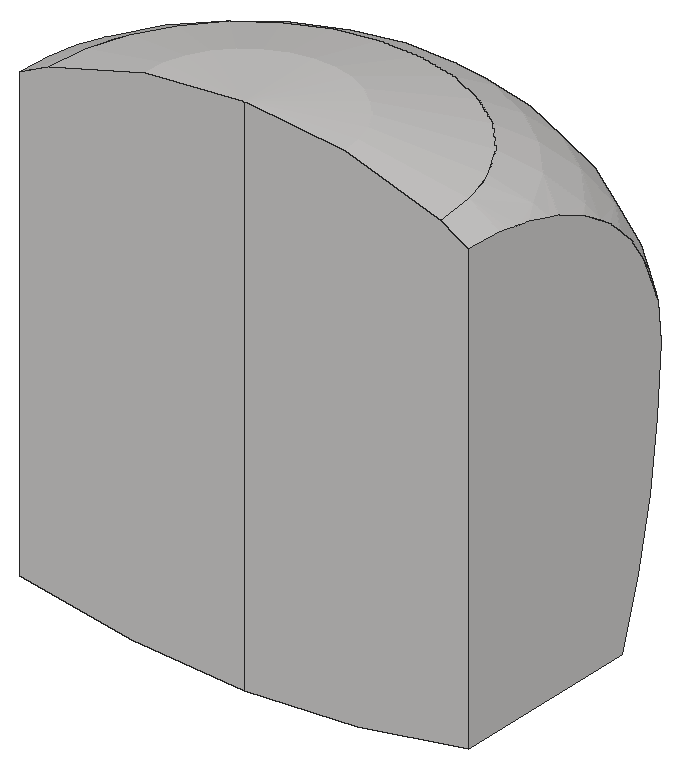
Revit family
Parameters (values of type "As Specified")
  Warranty Duration (Years) = 5
  Voltage_MEP = 120 V
  Unit Width = 0' - 0"
  Unit Height = 0' - 0"
  Unit Depth = 0' - 0"
  URL = "http://www.worlddryer.com/"
  Specification = "http://www.arcat.com/sdspecs/htm/10811wdr.htm"
  Send Message = "http://www.arcat.com/users.pl?action=UserEmail&company=World%20Dryer%20Corp.&coid=36616&rep=111&fax=708-449-6958&mf="
  Sales Information = "http://www.worlddryer.com/find-a-distributor"
  Reqd Wire Gauge = 14
  Manufacturer Phone - Toll Free = "800-323-0701 "
  MEP Apparent Power [instance] = Voltage_MEP * MEP Amperage  # 1500 VA
  MEP Amperage = 12.5 A
  Insrtloc = 0' - 0 1/8"
  Product Properties = "http://www.arcat.com/bim/bim_info.pl?fn=WorldDryer"
  Product Data = "http://www.arcat.com/arcatcos/cos36/arc36616.html"
  Opening Offset = 0' - 10"
  Mounting Height [instance] = 3' - 1"
  Motor = "Motor shall be universal  brush type operating at 34000 RPM and shall be thermally protected."
  Model = "As Specified in 10 28 00"
  Manufacturer Website = "http://www.worlddryer.com/"
  Manufacturer Phone = "708-449-6950 "
  Manufacturer Fax = "708-449-6958"
  Manufacturer Address = "5700 McDermott Dr., Berkeley, IL 60163-1102"
  Manufacturer = "World Dryer Corp."
  Maintenance Schedule (Months) = 0
  Keynote = "10 28 00"
  Installation-Fabrication = "http://www.worlddryer.com/all-hand-dryers"
  Installation Phase = "Interior Fittings"
  Heating Element = "Automatic active infrared sensor controlled by a circuit board with 1 second run-on time and 30 second vandal  shut-off."
  Hardware Finish = Polished Stainless Steel
  Green Building-LEED = "http://www.arcat.com/green/clients/leed_data_36616.html"
  Frequency = 60 Hz
  Expected Lifespan (Years) = 0
  Drawn By = "Robert S. Weygant, CSI, CDT, SCIP"
  Description = "Hand Dryer as Specified in 10 28 00"
  Cover Material = No. 4 Brushed Finish
  Copyright = "2010, ARCAT, Inc."
  Construction Details = "http://www.arcat.com/details/worlddry/worlddry.html?coid=36616"
  Assembly Code = "C1030210"
  Air Temperature = "40°F"
  Air Output = "53 cubic feet per minute of air volume  (10,500  LFM)"
  Actuation = "Automatic"
  ADA Compliant [instance] = no
Reference planes (in)
  plane 1: y = 0
  plane 2 "Center (Left/Right)": x = 0.0468
  plane 3 "Wall Edge": y = 4
  plane 4: y = 14
  plane 5: z = 37
  plane 6 "Connection Plane": y = 3.875
  plane 7: z = 27
Forms (in)
  Extrusion 1, solid, material "Stainless Steel - 22 ga 18-8 Type 304", visible <- "ADA Compliant"
    sketch origin (0, 3.875, 0) x (-1, 0, 0) y (0, 0, 1)
      loop
        line (-0.9218, 40.875) -> (-0.9218, 37.125) -> (0.8282, 37.125) -> (0.8282, 40.875) -> (-0.9218, 40.875)
    from 0.26104 to 0.13106
Text (in)
  text "Interior" at (0, 40.15149, 123.01588), in view "A 203 - Side Elevation"
  text "Interior" at (-70.3804, 41.28885, 0), in view "A-101 Plan View"
  text "Interior" at (0, 81.62555, 140.59947), in view "Left"
  text "Exterior" at (-70.3804, -27.04218, 0), in view "A-101 Plan View"
  text "Exterior" at (0, -34.75086, 140.59947), in view "Left"
  text "Exterior" at (0, -52.24725, 123.01588), in view "A 203 - Side Elevation"
Dimensions and locks (in)
  host wall to plane 3 "Wall Edge" = 0' - 0"
  "Mounting Height": plane 5 to level
  "Insrtloc": plane 6 "Connection Plane" to plane 3 "Wall Edge"
  "Opening Offset": plane 7 to plane 5
  locked: Extrusion 1 to Extrusion 1 at 0.12998
  aligned and locked: plane 3 "Wall Edge" to host wall
  aligned and locked: nested 1 to plane 2 "Center (Left/Right)"
  aligned and locked: nested 1 to plane 3 "Wall Edge"
  aligned and locked: nested 1 to plane 5
Automatic sketch dimensions
  Extrusion 1 sketch curve to plane 5 = 0' - 0 1/8"
  plane 2 "Center (Left/Right)" to Extrusion 1 sketch curve = 0' - 0 7/8"
  Extrusion 1 sketch curve to plane 2 "Center (Left/Right)" = 0' - 0 7/8"
  Extrusion 1 sketch curve to Extrusion 1 sketch curve = 0' - 3 3/4"
Nested families (in)
  nested 1: "Airforce_Component_Surface Mounted" at (0.0468, 4, 36.71926) x (-1, 0, 0) z (0, 0, 1), type "Airforce_Component_Surface Mounted"
Connectors (in)
  electrical at (0.0468, 4.00606, 39), driven by "Voltage_MEP", driven by "MEP Apparent Power"
    settings: on Extrusion 1, index 1
Definition of nested family "Airforce_Component_Surface Mounted"
  Parameters (values of type "Airforce_Component_Surface Mounted")
    Hardware Finish = Polished Stainless Steel
    Cover Material = No. 4 Brushed Finish
    Assembly Code = ""
  Reference planes (in)
    plane 1 "Center (Front/Back)": y = 0
    plane 2: z = 0
    plane 3 "Center (Left/Right)": x = 0
    plane 4: z = 10.7
    plane 5: y = -6.5
    plane 6: x = 4.45
    plane 7: x = -4.45
    plane 8: z = 0.28074
    plane 9: z = 0
  Forms (in)
    Revolve 1, solid, material "No. 4 Brushed Finish" <- "Cover Material"
      sketch origin (0, 0, 0) x (0, 1, 0) y (0, 0, 1)
        loop
          arc (0, 10.72929) -> (-1.97938, 10.55004) -> (-3.88232, 9.97653) r 9.83589
          arc (-3.88232, 9.97653) -> (-5.81275, 8.37089) -> (-6.5, 5.95587) r 4.25
          arc (-6.5, 5.95587) -> (-6.26437, 3.06733) -> (-5.69165, 0.22635) r 24.67311
          arc (-5.69165, 0.22635) -> (-5.58333, 0.06315) -> (-5.39792, 0) r 0.30376
          line (-5.39792, 0) -> (0, 0) -> (0, 10.72929)
        axis (0, 0) -> (0, 10.72929)
      angle from -90 to 90
    Extrusion 2, void
      sketch origin (0, 0, 0) x (1, 0, 0) y (0, 0, 1)
        loop
          line (-4.45, 0.79324) -> (-4.45, 10.7) -> (-15.37166, 10.7) -> (-15.37166, 0.79324) -> (-4.45, 0.79324)
      from 0 to 8.6597
    Extrusion 3, void
      sketch origin (0, 0, 0) x (-1, 0, 0) y (0, 0, -1)
        loop
          line (-4.45, -0.59564) -> (-14.62834, -0.59564) -> (-14.62834, -10.7) -> (-4.45, -10.7) -> (-4.45, -0.59564)
      from 0 to 8.6597
    Extrusion 4, void
      sketch origin (0, 0, 0) x (1, 0, 0) y (0, 0, 1)
        loop
          line (-6.59865, 0) -> (6.59865, 0) -> (6.59865, 1.35702)
          arc (6.59865, 1.35702) -> (-0.00884, 0.28077) -> (-6.59865, 1.46049) r 19.8656
          line (-6.59865, 1.46049) -> (-6.59865, 0)
      from 0 to 10.87626
    Extrusion 5, void
      sketch origin (0, 0, 0) x (1, 0, 0) y (0, 1, 0)
        loop
          line (-2.37226, -2.08668) -> (-1.93476, -2.08668) -> (-1.93476, -1.08668) -> (-2.37226, -1.08668) -> (-2.37226, -2.08668)
        loop
          line (-1.37226, -2.08668) -> (-0.93476, -2.08668) -> (-0.93476, -1.08668) -> (-1.37226, -1.08668) -> (-1.37226, -2.08668)
        loop
          line (-0.37226, -2.08668) -> (0.06524, -2.08668) -> (0.06524, -1.08668) -> (-0.37226, -1.08668) -> (-0.37226, -2.08668)
        loop
          line (0.62774, -2.08668) -> (1.06524, -2.08668) -> (1.06524, -1.08668) -> (0.62774, -1.08668) -> (0.62774, -2.08668)
        loop
          line (1.62774, -2.08668) -> (2.06524, -2.08668) -> (2.06524, -1.08668) -> (1.62774, -1.08668) -> (1.62774, -2.08668)
      from 0 to 1.25468
  Cuts and joins
    Extrusion 2, Extrusion 3, Extrusion 4, Extrusion 5 cuts Revolve 1
  Dimensions and locks (in)
    plane 4 to plane 2 = 0' - 10.7"
    locked: plane 7 to plane 6 at 8.9
    equal spacing: plane 7, plane 3 "Center (Left/Right)", plane 6
    locked: plane 1 "Center (Front/Back)" to plane 5 at 6.5
    locked: Revolve 1 sketch curve to plane 5 at 1.10208
    locked: Revolve 1 sketch curve to plane 5 at 0.80835
    locked: Revolve 1 sketch curve to plane 5 at 2.61768
    aligned and locked: Revolve 1 sketch curve to plane 1 "Center (Front/Back)"
    aligned and locked: cut or joined group of Revolve 1, Extrusion 2, Extrusion 3, Extrusion 4, Extrusion 5 to plane 7
    aligned and locked: cut or joined group of Revolve 1, Extrusion 2, Extrusion 3, Extrusion 4, Extrusion 5 to plane 6
    aligned and locked: plane 5 to Revolve 1 sketch curve  (x2)
    aligned and locked: plane 2 to Revolve 1 sketch curve
  Automatic sketch dimensions
    Revolve 1 sketch curve to plane 1 "Center (Front/Back)" = 0' - 0"
    plane 1 "Center (Front/Back)" to Revolve 1 sketch curve = 0' - 0.10712"
    plane 1 "Center (Front/Back)" to Revolve 1 sketch curve = 0' - 2.25109"
    Revolve 1 sketch curve to plane 4 = 0' - 0.72347"
    Revolve 1 sketch curve to Revolve 1 sketch curve = 0' - 0"  (x2)
    level to Revolve 1 sketch curve = 0' - 0.22635"
    Revolve 1 sketch curve to Revolve 1 sketch curve = 0' - 0.77071"
    Revolve 1 sketch curve to Revolve 1 sketch curve = 0' - 5 3/4"
    level to Extrusion 2 sketch curve = 0' - 0.79324"
    Extrusion 2 sketch curve to plane 4 = 0' - 0"
    Extrusion 2 sketch curve to plane 7 = 0' - 0"
    plane 7 to Extrusion 2 sketch curve = 0' - 10.92166"
    Extrusion 3 sketch curve to level = 0' - 0.59564"
    Extrusion 3 sketch curve to plane 4 = 0' - 0"
    Extrusion 3 sketch curve to plane 6 = 0' - 0"
    Extrusion 3 sketch curve to plane 6 = 0' - 10.17834"
    Extrusion 4 sketch curve to level = 0' - 0"
    plane 7 to Extrusion 4 sketch curve = 0' - 2.14865"
    plane 3 "Center (Left/Right)" to Extrusion 4 sketch curve = 0' - 0.14691"
    plane 6 to Extrusion 4 sketch curve = 0' - 2.14865"
    Extrusion 4 sketch curve to Extrusion 4 sketch curve = 0' - 1.35702"
    Extrusion 4 sketch curve to Extrusion 4 sketch curve = 0' - 1.46049"
    Extrusion 5 sketch curve to plane 7 = 0' - 2.07774"
    Extrusion 5 sketch curve to Extrusion 5 sketch curve = 0' - 0 7/16"  (x4)
    Extrusion 5 sketch curve to Extrusion 5 sketch curve = 0' - 0 9/16"  (x3)
    plane 3 "Center (Left/Right)" to Extrusion 5 sketch curve = 0' - 0.62774"
    plane 3 "Center (Left/Right)" to Extrusion 5 sketch curve = 0' - 1.06524"
    plane 1 "Center (Front/Back)" to Extrusion 5 sketch curve = 0' - 2.08668"  (x2)
    Extrusion 5 sketch curve to Extrusion 5 sketch curve = 0' - 0"  (x7)
    Extrusion 5 sketch curve to Extrusion 5 sketch curve = 0' - 1"
